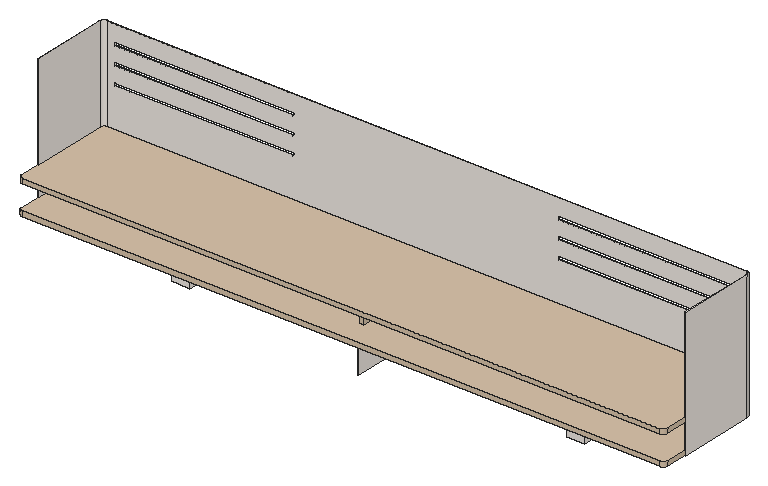
Revit family "Haworth_ActiveComponents_StorageNook_SingleSideOpen_NEW", category Furniture Systems, Revit 2015
Parameters (values of type "72w 14h")
  With Slots = yes
  Width = 72"
  Warranty = "https://www.haworth.com/resources/product-info/warranties"
  Void Side Dimension = if(Side Void, 20", 5")  # 20"
  Void Center Dimension = if(Center Void, 20", 5")  # 5"
  URL - Product = "http://www.haworth.com/products/workspaces/accessories/active-components"
  URL = "http://www.haworth.com/"
  Type Comments = ""
  Sustainability Info = "https://www.haworth.com/company-info/sustainability"
  Support Post Width = 2"  # constant formula
  Support Post Overall Width = if(Actual Width > 48", Actual Width - 26", Actual Width - 12")  # 46"
  Stanchion Height = 4 3/8"  # constant formula
  Slot Length = if(Actual Width < 48", 13", if(Actual Width < 60", 14 3/4", if(Actual Width < 72", 17 3/4", 20")))  # 20"
  Size = "Verify Final Dim. w/ Haworth"  # constant formula
  Side Void = and(With Slots, Actual Width > 24")  # yes
  Shelf Finish [instance] = Haworth _ Wood _ White Oak
  Revision Number = "2"  # constant formula
  Panel Thickness = 1/16"  # constant formula
  Mounted Height = 29"  # constant formula
  Model = "AU1A"  # constant formula
  Min. Width = 24"  # constant formula
  Max. Width = 72"  # constant formula
  Manufacturer = "Haworth"  # constant formula
  Hardware Finish [instance] = Haworth _ Paint _ Plaster
  Divider Control = Actual Width > 36"  # yes
  Description = "Haworth Active Components - Storage Nook Open - Single Sided - 72w 14h"
  Custom Size = not(or(Width = 24", Width = 30", Width = 36", Width = 42", Width = 48", Width = 51", Width = 54", Width = 60", Width = 63", Width = 66", Width = 72"))  # no
  Center Void = and(With Slots, Actual Width = 24")  # no
  Case Finish [instance] = Haworth _ Paint _ Plaster
  Author = "Haworth (Bentzen, Alias)"  # constant formula
  Assembly Code = "E2020200"
  Actual Width = if(Width < Min. Width, Min. Width, if(Width > Max. Width, Max. Width, Width))  # 72"
  Actual Height = 14 1/4"  # constant formula
  Actual Depth = 12"  # constant formula
Reference planes (in)
  plane 1 "Back End": y = 19.5
  plane 2: z = 0
  plane 3 "Center L/R": x = 0
  plane 4 "Front End": y = 7.5
  plane 5 "Bottom Stanchion": z = 29
  plane 6 "Back Inside": y = 19.4375
  plane 7 "Center FB": y = 13.5
  plane 8: z = 33.875
  plane 9 "Bottom Nook": z = 33.375
  plane 10: z = 37.125
  plane 11: z = 36.625
  plane 12 "Front Inside": y = 7.5625
  plane 13 "Shroud Front End": y = 10.4375
  plane 14 "Left End": x = -36
  plane 15 "Right End": x = 36
  plane 16: x = -35.9375
  plane 17: x = 35.9375
  plane 18: x = -23
  plane 19: x = 23
  plane 20: x = -21
  plane 21: x = 21
  plane 22 "Top Nook": z = 47.625
  plane 23 "Void Side End": y = 21.80401
  plane 24 "Void Start": y = 1.80401
  plane 25 "Void Center End": y = 6.80401
Forms (in)
  Extrusion 1, solid, material "Haworth _ Wood _ White Oak" <- "Shelf Finish"
    sketch origin (0, 0, 0) x (1, 0, 0) y (0, 1, 0)
      loop
        arc (-35.4375, 19.4375) -> (-35.79105, 19.29105) -> (-35.9375, 18.9375) r 0.5
        line (-35.9375, 18.9375) -> (-35.9375, 8.0625)
        arc (-35.9375, 8.0625) -> (-35.79105, 7.70895) -> (-35.4375, 7.5625) r 0.5
        line (-35.4375, 7.5625) -> (35.4375, 7.5625)
        arc (35.4375, 7.5625) -> (35.79105, 7.70895) -> (35.9375, 8.0625) r 0.5
        line (35.9375, 8.0625) -> (35.9375, 18.9375)
        arc (35.9375, 18.9375) -> (35.79105, 19.29105) -> (35.4375, 19.4375) r 0.5
        line (35.4375, 19.4375) -> (-35.4375, 19.4375)
    from 33.375 to 33.875
  Extrusion 2, solid, material "Haworth _ Wood _ White Oak" <- "Shelf Finish"
    sketch origin (0, 0, 0) x (1, 0, 0) y (0, 1, 0)
      loop
        arc (-35.4375, 19.4375) -> (-35.79105, 19.29105) -> (-35.9375, 18.9375) r 0.5
        line (-35.9375, 18.9375) -> (-35.9375, 8.0625)
        arc (-35.9375, 8.0625) -> (-35.79105, 7.70895) -> (-35.4375, 7.5625) r 0.5
        line (-35.4375, 7.5625) -> (35.4375, 7.5625)
        arc (35.4375, 7.5625) -> (35.79105, 7.70895) -> (35.9375, 8.0625) r 0.5
        line (35.9375, 8.0625) -> (35.9375, 18.9375)
        arc (35.9375, 18.9375) -> (35.79105, 19.29105) -> (35.4375, 19.4375) r 0.5
        line (35.4375, 19.4375) -> (-35.4375, 19.4375)
    from 36.625 to 37.125
  Extrusion 3, solid, material "Haworth _ Paint _ Plaster" <- "Case Finish"
    sketch origin (0, 0, 0) x (1, 0, 0) y (0, 1, 0)
      loop
        line (-35.9375, 10.4375) -> (-35.9375, 19)
        arc (-35.9375, 19) -> (-35.80936, 19.30936) -> (-35.5, 19.4375) r 0.4375
        line (-35.5, 19.4375) -> (35.5, 19.4375)
        arc (35.5, 19.4375) -> (35.80936, 19.30936) -> (35.9375, 19) r 0.4375
        line (35.9375, 19) -> (35.9375, 10.4375) -> (36, 10.4375) -> (36, 19)
        arc (36, 19) -> (35.85355, 19.35355) -> (35.5, 19.5) r 0.5
        line (35.5, 19.5) -> (-35.5, 19.5)
        arc (-35.5, 19.5) -> (-35.85355, 19.35355) -> (-36, 19) r 0.5
        line (-36, 19) -> (-36, 10.4375) -> (-35.9375, 10.4375)
    from 33.375 to 47.625
  Extrusion 4, solid, material "Haworth _ Paint _ Plaster" <- "Hardware Finish"
    sketch origin (0, 0, 0) x (1, 0, 0) y (0, 1, 0)
      loop
        line (-23, 14.25) -> (-23, 12.73437) -> (-21, 12.73437) -> (-21, 14.25) -> (-23, 14.25)
      loop
        line (23, 14.25) -> (21, 14.25) -> (21, 12.73437) -> (23, 12.73437) -> (23, 14.25)
      loop
        line (-0.0625, 17.06237) -> (-0.0625, 9.93763) -> (0.0625, 9.93763) -> (0.0625, 17.06237) -> (-0.0625, 17.06237)
    from 29 to 33.375
  Sweep 5, void
    path origin (0, 0, 33.375) x (-1, 0, 0) y (0, -1, 0)
      loop
        line (0, -21.80401) -> (0, -1.80401)
    profile origin (0, 11.80401, 33.375) x (1, 0, 0) y (0, 0, 1)
      loop
        line (14.66, 8.40313) -> (14.66, 8.07812) -> (34.66, 8.07812) -> (34.66, 8.40313) -> (14.66, 8.40313)
      loop
        line (14.66, 12.40312) -> (14.66, 12.07812) -> (34.66, 12.07812) -> (34.66, 12.40312) -> (14.66, 12.40312)
      loop
        line (14.66, 10.40313) -> (14.66, 10.07812) -> (34.66, 10.07812) -> (34.66, 10.40313) -> (14.66, 10.40313)
  Sweep 6, void
    path origin (0, 0, 33.375) x (1, 0, 0) y (0, -1, 0)
      loop
        line (0, -21.80401) -> (0, -1.80401)
    profile origin (0, 11.80401, 33.375) x (1, 0, 0) y (0, 0, 1)
      loop
        line (-14.66, 8.40313) -> (-34.66, 8.40313) -> (-34.66, 8.07812) -> (-14.66, 8.07812) -> (-14.66, 8.40313)
      loop
        line (-14.66, 12.40312) -> (-34.66, 12.40312) -> (-34.66, 12.07812) -> (-14.66, 12.07812) -> (-14.66, 12.40312)
      loop
        line (-14.66, 10.40313) -> (-34.66, 10.40313) -> (-34.66, 10.07812) -> (-14.66, 10.07812) -> (-14.66, 10.40313)
  Sweep 7, void
    path origin (0, 0, 33.375) x (1, 0, 0) y (0, -1, 0)
      loop
        line (0, -6.80401) -> (0, -1.80401)
    profile origin (0, 4.30401, 33.375) x (1, 0, 0) y (0, 0, 1)
      loop
        line (10, 8.40313) -> (-10, 8.40313) -> (-10, 8.07812) -> (10, 8.07812) -> (10, 8.40313)
      loop
        line (10, 12.40312) -> (-10, 12.40312) -> (-10, 12.07812) -> (10, 12.07812) -> (10, 12.40312)
      loop
        line (10, 10.40313) -> (-10, 10.40313) -> (-10, 10.07812) -> (10, 10.07812) -> (10, 10.40313)
  Extrusion 8, solid, material "Haworth _ Wood _ White Oak" <- "Shelf Finish", visible <- "Divider Control"
    sketch origin (0, 0, 33.375) x (-1, 0, 0) y (0, -1, 0)
      loop
        line (0.25, -19.4375) -> (0.25, -10.4375) -> (-0.25, -10.4375) -> (-0.25, -19.4375) -> (0.25, -19.4375)
    from 0.5 to 3.25
Cuts and joins
  Sweep 5, Sweep 6, Sweep 7 cuts Extrusion 3
Lines and regions (in)
  Masking region 1
    outline origin (-46, 74.25, 0) x (1, 0, 0) y (0, 1, 0)
      loop
        arc (10.5, -54.75) -> (10.14645, -54.89645) -> (10, -55.25) r 0.5
        line (10, -55.25) -> (10, -66.25)
        arc (10, -66.25) -> (10.14645, -66.60355) -> (10.5, -66.75) r 0.5
        line (10.5, -66.75) -> (81.5, -66.75)
        arc (81.5, -66.75) -> (81.85355, -66.60355) -> (82, -66.25) r 0.5
        line (82, -66.25) -> (82, -55.25)
        arc (82, -55.25) -> (81.85355, -54.89645) -> (81.5, -54.75) r 0.5
        line (81.5, -54.75) -> (10.5, -54.75)
Dimensions and locks (in)
  "Mounted Height": plane 5 "Bottom Stanchion" to level
  "Actual Depth": plane 1 "Back End" to plane 4 "Front End"
  "Panel Thickness": plane 6 "Back Inside" to plane 1 "Back End"
  equal spacing: plane 1 "Back End", plane 7 "Center FB", plane 4 "Front End"
  locked: plane 8 to plane 9 "Bottom Nook" at 0.5
  locked: plane 10 to plane 11 at 0.5
  "Panel Thickness": plane 12 "Front Inside" to plane 4 "Front End"
  locked: plane 13 "Shroud Front End" to plane 12 "Front Inside" at 2.875
  equal spacing: plane 14 "Left End", plane 3 "Center L/R", plane 15 "Right End"
  "Actual Width": plane 14 "Left End" to plane 15 "Right End"
  "Panel Thickness": plane 14 "Left End" to plane 16
  "Panel Thickness": plane 17 to plane 15 "Right End"
  equal spacing: plane 18, plane 3 "Center L/R", plane 19
  "Support Post Overall Width": plane 18 to plane 19
  "Support Post Width": plane 21 to plane 19
  "Support Post Width": plane 18 to plane 20
  locked: plane 11 to plane 8 at 2.75
  "Actual Height": plane 22 "Top Nook" to plane 9 "Bottom Nook"
  "Void Side Dimension": plane 23 "Void Side End" to plane 24 "Void Start"
  "Stanchion Height": plane 9 "Bottom Nook" to plane 5 "Bottom Stanchion"
  locked: Extrusion 4 sketch curve to plane 7 "Center FB" at 0.75  (x2)
  locked: Extrusion 4 sketch curve to plane 7 "Center FB" at 0.76562
  locked: plane 7 "Center FB" to Extrusion 4 sketch curve at 0.76563
  locked: plane 3 "Center L/R" to Extrusion 4 sketch curve at 0.0625
  locked: Extrusion 4 sketch curve to plane 3 "Center L/R" at 0.0625
  locked: plane 7 "Center FB" to Extrusion 4 sketch curve at 3.56237
  locked: Extrusion 4 sketch curve to plane 7 "Center FB" at 3.56237
  "Void Center Dimension": plane 25 "Void Center End" to plane 24 "Void Start"
  locked: Sweep 5 sketch curve to plane 15 "Right End" at 1.34  (x3)
  "Slot Length": Sweep 5 sketch curve to Sweep 5 sketch curve  (x3)
  "Slot Length": Sweep 6 sketch curve to Sweep 6 sketch curve  (x3)
  locked: plane 14 "Left End" to Sweep 6 sketch curve at 1.34  (x3)
  locked: Sweep 7 sketch curve to Sweep 7 sketch curve at 20  (x3)
  equal spacing: Sweep 7 sketch curve, plane 3 "Center L/R", Sweep 7 sketch curve  (x3)
  locked: Extrusion 8 sketch curve to Extrusion 8 sketch curve at 0.5
  equal spacing: Extrusion 8 sketch curve, plane 3 "Center L/R", Extrusion 8 sketch curve
  aligned and locked: level to plane 2
  aligned and locked: Extrusion 1 sketch curve to plane 6 "Back Inside"
  aligned and locked: Extrusion 2 sketch curve to plane 6 "Back Inside"
  aligned and locked: Extrusion 3 to plane 9 "Bottom Nook"
  aligned and locked: plane 9 "Bottom Nook" to Extrusion 4
  aligned and locked: Extrusion 4 to plane 5 "Bottom Stanchion"
  aligned and locked: Extrusion 3 to plane 13 "Shroud Front End"
  aligned and locked: Extrusion 1 to plane 16
  aligned and locked: Extrusion 2 to plane 16
  aligned and locked: plane 16 to Extrusion 3
  aligned and locked: Extrusion 3 to plane 14 "Left End"
  aligned and locked: plane 17 to Extrusion 2
  aligned and locked: plane 17 to Extrusion 1
  aligned and locked: Extrusion 4 to plane 18
  aligned and locked: plane 20 to Extrusion 4
  aligned and locked: Extrusion 4 to plane 21
  aligned and locked: plane 19 to Extrusion 4
  aligned and locked: plane 10 to Extrusion 2
  aligned and locked: Extrusion 2 to plane 11
  aligned and locked: plane 8 to Extrusion 1
  aligned and locked: Extrusion 1 to plane 9 "Bottom Nook"
  aligned and locked: Extrusion 2 to plane 12 "Front Inside"
  aligned and locked: Masking region 1 to plane 14 "Left End"
  aligned and locked: plane 15 "Right End" to Masking region 1
  aligned and locked: Masking region 1 to plane 4 "Front End"
  aligned and locked: plane 22 "Top Nook" to Extrusion 3
  aligned and locked: Masking region 1 to plane 1 "Back End"
  aligned and locked: plane 1 "Back End" to Masking region 1 sketch curve
  aligned and locked: Masking region 1 sketch curve to plane 15 "Right End"
  aligned and locked: plane 4 "Front End" to Masking region 1 sketch curve
  aligned and locked: plane 14 "Left End" to Masking region 1 sketch curve
  aligned and locked: Extrusion 2 sketch curve to plane 17
  aligned and locked: plane 12 "Front Inside" to Extrusion 2 sketch curve
  aligned and locked: plane 16 to Extrusion 2 sketch curve
  aligned and locked: Extrusion 1 sketch curve to plane 17
  aligned and locked: plane 12 "Front Inside" to Extrusion 1 sketch curve
  aligned and locked: plane 16 to Extrusion 1 sketch curve
  aligned and locked: Extrusion 4 sketch curve to plane 20
  aligned and locked: plane 18 to Extrusion 4 sketch curve
  aligned and locked: plane 19 to Extrusion 4 sketch curve
  aligned and locked: Extrusion 4 sketch curve to plane 21
  aligned and locked: Extrusion 3 sketch curve to plane 13 "Shroud Front End"
  aligned and locked: plane 16 to Extrusion 3 sketch curve
  aligned and locked: plane 14 "Left End" to Extrusion 3 sketch curve
  aligned and locked: plane 1 "Back End" to Extrusion 3 sketch curve
  aligned and locked: Extrusion 3 sketch curve to plane 6 "Back Inside"
  aligned and locked: plane 15 "Right End" to Extrusion 3 sketch curve
  aligned and locked: plane 17 to Extrusion 3 sketch curve
  aligned and locked: plane 13 "Shroud Front End" to Extrusion 3 sketch curve
  aligned and locked: Sweep 5 sketch curve to plane 3 "Center L/R"
  aligned and locked: plane 24 "Void Start" to Sweep 5 sketch curve
  aligned and locked: plane 23 "Void Side End" to Sweep 5 sketch curve
  aligned and locked: profile plane to plane 9 "Bottom Nook"
  aligned and locked: profile plane to plane 3 "Center L/R"
  aligned and locked: Sweep 6 sketch curve to plane 3 "Center L/R"
  aligned and locked: plane 23 "Void Side End" to Sweep 6 sketch curve
  aligned and locked: plane 24 "Void Start" to Sweep 6 sketch curve
  aligned and locked: Sweep 7 sketch curve to plane 3 "Center L/R"
  aligned and locked: plane 24 "Void Start" to Sweep 7 sketch curve
  aligned and locked: plane 25 "Void Center End" to Sweep 7 sketch curve
  aligned and locked: plane 13 "Shroud Front End" to Extrusion 8 sketch curve
  aligned and locked: Extrusion 8 sketch curve to plane 6 "Back Inside"
  aligned and locked: plane 11 to Extrusion 8
  aligned and locked: Extrusion 8 to plane 8
Automatic sketch dimensions
  plane 16 to Masking region 1 sketch curve = 7/16"
  Masking region 1 sketch curve to plane 6 "Back Inside" = 7/16"  (x2)
  Masking region 1 sketch curve to plane 17 = 7/16"
  Extrusion 1 sketch curve to Extrusion 1 sketch curve = 1/2"
  plane 16 to Extrusion 1 sketch curve = 1/2"
  Extrusion 1 sketch curve to plane 17 = 1/2"  (x2)
  plane 16 to Extrusion 2 sketch curve = 1/2"
  Extrusion 2 sketch curve to Extrusion 2 sketch curve = 1/2"
  plane 12 "Front Inside" to Extrusion 2 sketch curve = 1/2"
  Extrusion 2 sketch curve to plane 17 = 1/2"
  Extrusion 3 sketch curve to Extrusion 3 sketch curve = 0"  (x4)
  plane 16 to Extrusion 3 sketch curve = 7/16"
  Extrusion 3 sketch curve to plane 17 = 7/16"
  plane 9 "Bottom Nook" to Sweep 7 sketch curve = 12 5/64"
  Sweep 7 sketch curve to Sweep 7 sketch curve = 1.675"  (x2)
  Sweep 7 sketch curve to Sweep 7 sketch curve = 0.325"  (x3)
  plane 9 "Bottom Nook" to Sweep 5 sketch curve = 8 5/64"
  Sweep 5 sketch curve to Sweep 5 sketch curve = 0.325"  (x3)
  Sweep 5 sketch curve to Sweep 5 sketch curve = 1.675"  (x2)
  plane 9 "Bottom Nook" to Sweep 6 sketch curve = 8 5/64"
  Sweep 6 sketch curve to Sweep 6 sketch curve = 0.325"  (x3)
  Sweep 6 sketch curve to Sweep 6 sketch curve = 1.675"  (x2)
